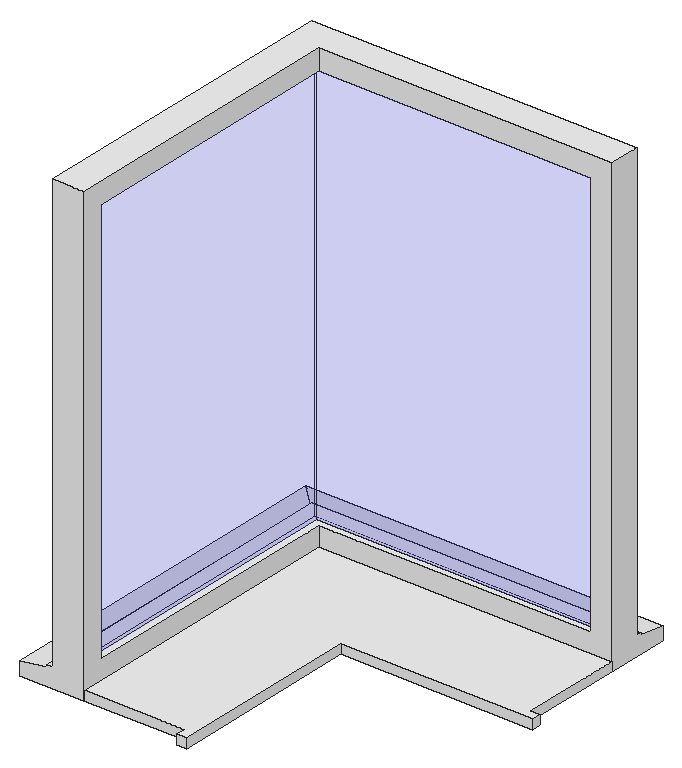
Revit family "fe1c5a3644044de3b7f36d680a672070", category Windows, host Wall, Revit 2025
Family settings
  Host = Wall
  Always vertical = Yes
  Cut with Voids When Loaded = No
  Shared = No
  Room Calculation Point = No
Parameters (values of type "910x1210mm")
  Wrap Layers (Ext) from Ext = 102.5 mm
  Wrap Layers (Int) from Ext = 177.5 mm
  Window Board Projection = 25.0 mm
  Window Board Extension = 25.0 mm
  Wall/Void Thickness [instance] = 400.0 mm
  Visual Light Transmittance = 0.9
  Solar Heat Gain Coefficient = 0.78
  Rough Width = Width  # 910.0 mm
  Rough Height = Height  # 1210.0 mm
  Operation = "UserDefined"
  Define Thermal Properties by = Schematic Type
  Construction Type Id = "GSP4R"
  Material Trim = Window Frame
  Material Glass = Glass
  Material Frame = Window Frame
  Manufacturer = ""
  Keynote = "L10"
  Height = 1210.0 mm
  Wall Closure = Neither
  Width = 910.0 mm
  Heat Transfer Coefficient (U) = 3.6886 W/(m²·K)
  Glazing Thickness = 24.0 mm
  FrameOffset - External = 50.0 mm
  Frame Depth = 65.0 mm
  Default Head Height = 2110.0 mm
  Cill Depth = 87.5 mm
  Analytic Construction = "1/8 in Pilkington single glazing"
Types (7, lengths in mm): name | Rough Width | Rough Height | Height | Width
  (no name) | 910.0 | 1210.0 | 1210.0 | 910.0
  910x910mm | 910.0 | 910.0 | 910.0 | 910.0
  910x1210mm | 910.0 | 1210.0 | 1210.0 | 910.0
  1360x910mm | 1360.0 | 910.0 | 910.0 | 1360.0
  1360x1210mm | 1360.0 | 1210.0 | 1210.0 | 1360.0
  1810x910mm | 1810.0 | 910.0 | 910.0 | 1810.0
  1810x1210mm | 1810.0 | 1210.0 | 1210.0 | 1810.0
Reference planes
  plane 1: y = 0
  plane 2 "Center (Left/Right)": x = 0
  plane 3 "Corner": x = -455
  plane 4 "Right": x = 455
  plane 5 "Cill": z = 900
  plane 6 "Head": z = 2110
  plane 7 "Exterior": y = 60.496
  plane 8 "Interior": y = -239.504
  plane 9 "Back of Window": y = -54.504
  plane 10 "Wall Closure": y = -42.004
  plane 11 "Front Cill": y = 97.996
  plane 12 "Front Window Board": y = -364.504
  plane 13 "RHS Window Board": x = 480
  plane 14 "Face Window": y = 10.496
  plane 15: y = -117.004
  plane 16: y = -339.504
  plane 17: z = 2055
  plane 18: x = -55
  plane 19: y = -849.504
  plane 20: y = -874.504
  plane 21: x = -30
Forms (mm)
  Sweep 1, solid, material "Window Frame" <- "Material Frame"
    path origin (0, -54.504, 0) x (1, 0, 0) y (0, 0, 1)
      loop
        line (-455, 2110) -> (455, 2110) -> (455, 963)
    profile origin (0, 0, 1536.5) x (0, -1, 0) y (1, 0, 0)
      loop
        line (-10.496, 455) -> (-10.496, 415) -> (54.504, 415) -> (54.504, 400) -> (72.504, 400) -> (72.504, 455) -> (-10.496, 455)
  Extrusion 2, void
    sketch origin (0, 0, 900) x (-1, 0, 0) y (0, -1, 0)
      loop
        line (555, -160.496) -> (555, 849.504) -> (30, 849.504) -> (30, 239.504) -> (-455, 239.504) -> (-455, -160.496) -> (555, -160.496)
    from 0 to 1210
  Sweep 3, solid, material "Window Frame" <- "Material Frame"
    path origin (0, 0, 900) x (0, -1, 0) y (1, 0, 0)
      loop
        line (-60.496, 455) -> (-60.496, -455) -> (849.504, -455)
    profile origin (0, 60.496, 900) x (0, -1, 0) y (0, 0, 1)
      loop
        line (133, 0) -> (133, 75) -> (115, 75) -> (115, 63) -> (50, 63) -> (50, 51) -> (35, 49.688) -> (35, 44.745) -> (-37.5, 33.809) -> (-37.5, 0) -> (133, 0)
  Sweep 4, solid, material "Window Frame" <- "Material Frame"
    path origin (-340, -125.161, 963) x (0, -1, 0) y (0, 0, 1)
      loop
        line (-185.656, 1147) -> (724.344, 1147) -> (724.344, 0)
    profile origin (0, 0, 1536.5) x (-1, 0, 0) y (0, -1, 0)
      loop
        line (405, 849.504) -> (322, 849.504) -> (322, 794.504) -> (340, 794.504) -> (340, 809.504) -> (405, 809.504) -> (405, 849.504)
  Extrusion 5, void
    sketch origin (0, 0, 900) x (-1, 0, 0) y (0, -1, 0)
      loop
        line (532, -137.496) -> (532, 72.504) -> (322, 72.504) -> (532, -137.496)
    from 1155 to 1210
  Extrusion 6, void
    sketch origin (-257.127, -306.432, 900) x (-0.173648, 0.984808, 0) y (-0.984808, -0.173648, 0)
      loop
        line (448.448, -13.199) -> (484.914, 193.61) -> (241.638, 23.267) -> (448.448, -13.199)
    from 1155 to 1210
  Extrusion 7, solid, material "Glass" <- "Material Glass"
    sketch origin (0, 0, 900) x (0, -1, 0) y (-1, 0, 0)
      loop
        line (54.504, 340) -> (809.504, 340) -> (809.504, 364) -> (30.504, 364) -> (30.504, -415) -> (54.504, -415) -> (54.504, 340)
    from -1155 to -63
  Extrusion 8, solid, material "Window Frame" <- "Material Frame", detail levels medium+fine
    sketch origin (0, 0, 900) x (0, -1, 0) y (-1, 0, 0)
      loop
        line (72.504, -455) -> (339.504, -455) -> (339.504, -480) -> (364.504, -480) -> (364.504, 30) -> (874.504, 30) -> (874.504, 55) -> (849.504, 55) -> (849.504, 322) -> (72.504, 322) -> (72.504, -455)
    from 0 to -25
Cuts and joins
  Extrusion 5 cuts Sweep 1
  Extrusion 6 cuts Sweep 3
  Extrusion 6 cuts Sweep 4
  joined: Sweep 1, Sweep 3, Sweep 4
Lines and regions (mm)
  Masking region 1
    outline origin (0, 0, 900) x (0, -1, 0) y (1, 0, 0)
      loop
        line (72.504, 455) -> (-97.996, 455) -> (-97.996, -492.5) -> (849.504, -492.5) -> (849.504, -322) -> (72.504, -322) -> (72.504, 455)
  Masking region 2, detail levels medium+fine
    outline origin (0, 0, 900) x (0, -1, 0) y (1, 0, 0)
      loop
        line (72.504, 455) -> (72.504, -322) -> (849.504, -322) -> (849.504, -55) -> (874.504, -55) -> (874.504, -30) -> (364.504, -30) -> (364.504, 480) -> (339.504, 480) -> (339.504, 455) -> (72.504, 455)
  symbolic lines
    curve 1: line (455, 10.496, 900) -> (-405, 10.496, 900)
    curve 2: line (-405, 10.496, 900) -> (-405, -849.504, 900)
    curve 3: line (-405, -809.504, 900) -> (-322, -809.504, 900)
    curve 4: line (415, -72.504, 900) -> (415, 10.496, 900)
    curve 5: line (455, -72.504, 900) -> (-322, -72.504, 900)
    curve 6: line (-322, -72.504, 900) -> (-322, -849.504, 900)
    curve 7: line (415, -30.504, 900) -> (-364, -30.504, 900)
    curve 8: line (-364, -809.504, 900) -> (-364, -30.504, 900)
Text (mm)
  text "EXTERIOR" at (-1415.209, 454.062, 0), in view "Ref. Level"
  text "INTERIOR" at (-1415.209, -367.981, 0), in view "Ref. Level"
  text "Exterior" at (0, 923.751, 2943.296), in view "Right"
  text "Exterior" at (0, 1040.484, 2685.409), in view "Left"
Dimensions and locks
  equal spacing: plane 3 "Corner", plane 2 "Center (Left/Right)", plane 4 "Right"
  "Width": plane 3 "Corner" to plane 4 "Right"
  "Height": plane 5 "Cill" to plane 6 "Head"
  "Default Head Height": plane 6 "Head" to level
  locked: plane 7 "Exterior" to host wall
  locked: plane 8 "Interior" to host wall
  "Window Board Extension": plane 4 "Right" to plane 13 "RHS Window Board"
  "FrameOffset - External": plane 14 "Face Window" to plane 7 "Exterior"
  "Cill Depth": plane 14 "Face Window" to plane 11 "Front Cill"
  "Wrap Layers (Ext) from Ext": plane 10 "Wall Closure" to plane 7 "Exterior"
  "Wrap Layers (Int) from Ext": plane 15 to plane 7 "Exterior"
  "Frame Depth": Sweep 1 sketch curve to Sweep 1 sketch curve
  "Frame Depth": Sweep 3 sketch curve to Sweep 3 sketch curve
  locked: Sweep 3 sketch curve to Sweep 3 sketch curve at 15
  locked: Sweep 3 sketch curve to Sweep 3 sketch curve at 18
  "FrameOffset - External": Sweep 3 sketch curve to plane 7 "Exterior"
  "Cill Depth": Sweep 3 sketch curve to Sweep 3 sketch curve
  "Frame Depth": Sweep 4 sketch curve to Sweep 4 sketch curve
  "Width": Sweep 4 sketch curve to Sweep 4 sketch curve
  "Glazing Thickness": Extrusion 7 sketch curve to Extrusion 7 sketch curve  (x2)
  locked: plane 7 "Exterior" to Extrusion 2 sketch curve at 100
  "Window Board Projection": plane 16 to plane 12 "Front Window Board"
  "Wall/Void Thickness": plane 16 to plane 7 "Exterior"
  locked: Sweep 4 sketch curve to Sweep 4 sketch curve at 40
  locked: Sweep 1 sketch curve to Sweep 1 sketch curve at 40
  locked: plane 17 to plane 6 "Head" at 55
  "Wall/Void Thickness": plane 3 "Corner" to plane 18
  "Width": plane 19 to plane 7 "Exterior"
  "Window Board Extension": plane 19 to plane 20
  "Window Board Projection": plane 18 to plane 21
  locked: Extrusion 2 sketch curve to plane 3 "Corner" at 100
  aligned and locked: host wall to Extrusion 2 sketch curve
  aligned and locked: Extrusion 2 sketch curve to plane 4 "Right"
  aligned and locked: Extrusion 2 to plane 6 "Head"
  aligned and locked: plane 5 "Cill" to Extrusion 2
  aligned and locked: plane 7 "Exterior" to Sweep 3 sketch curve
  aligned and locked: plane 4 "Right" to Sweep 3 sketch curve
  aligned and locked: plane 6 "Head" to Sweep 1 sketch curve
  aligned and locked: plane 3 "Corner" to Sweep 1 sketch curve
  aligned and locked: Sweep 1 sketch curve to Sweep 3  (x2)
  aligned and locked: cut or joined group of Sweep 1, Sweep 3, Sweep 4, Extrusion 5, Extrusion 6 to Sweep 4 sketch curve  (x2)
  aligned and locked: Extrusion 5 sketch curve to cut or joined group of Sweep 1, Sweep 3, Sweep 4, Extrusion 5, Extrusion 6
  aligned: cut or joined group of Sweep 1, Sweep 3, Sweep 4, Extrusion 5, Extrusion 6 to Extrusion 5
  aligned and locked: Extrusion 5 to plane 6 "Head"
  aligned and locked: Extrusion 6 sketch curve to cut or joined group of Sweep 1, Sweep 3, Sweep 4, Extrusion 5, Extrusion 6  (x2)
  aligned and locked: cut or joined group of Sweep 1, Sweep 3, Sweep 4, Extrusion 5, Extrusion 6 to Extrusion 5 sketch curve
  aligned and locked: cut or joined group of Sweep 1, Sweep 3, Sweep 4, Extrusion 5, Extrusion 6 to Extrusion 7 sketch curve  (x2)
  aligned and locked: Extrusion 7 sketch curve to cut or joined group of Sweep 1, Sweep 3, Sweep 4, Extrusion 5, Extrusion 6  (x2)
  aligned: Extrusion 7 to cut or joined group of Sweep 1, Sweep 3, Sweep 4, Extrusion 5, Extrusion 6
  aligned and locked: Extrusion 7 to cut or joined group of Sweep 1, Sweep 3, Sweep 4, Extrusion 5, Extrusion 6
  aligned and locked: plane 6 "Head" to Sweep 4 sketch curve
  aligned and locked: plane 6 "Head" to Extrusion 6
  aligned: Sweep 1 to Extrusion 6
  aligned and locked: plane 4 "Right" to Sweep 1 sketch curve
  aligned and locked: Sweep 1 sketch curve to plane 4 "Right"
  aligned: Extrusion 7 to plane 6 "Head"
  aligned and locked: Extrusion 6 to plane 17
  aligned and locked: Extrusion 5 to plane 17
  aligned and locked: plane 17 to Extrusion 7
  aligned and locked: curve 1 to cut or joined group of Sweep 1, Sweep 3, Sweep 4, Extrusion 5, Extrusion 6
  aligned and locked: curve 7 to Extrusion 7
  aligned and locked: curve 8 to Extrusion 7
  aligned and locked: cut or joined group of Sweep 1, Sweep 3, Sweep 4, Extrusion 5, Extrusion 6 to curve 2
  aligned and locked: curve 6 to cut or joined group of Sweep 1, Sweep 3, Sweep 4, Extrusion 5, Extrusion 6
  aligned and locked: curve 5 to cut or joined group of Sweep 1, Sweep 3, Sweep 4, Extrusion 5, Extrusion 6
  aligned and locked: cut or joined group of Sweep 1, Sweep 3, Sweep 4, Extrusion 5, Extrusion 6 to cut or joined group of Sweep 1, Sweep 3, Sweep 4, Extrusion 5, Extrusion 6
  aligned and locked: Extrusion 7 to Extrusion 7
  aligned and locked: cut or joined group of Sweep 1, Sweep 3, Sweep 4, Extrusion 5, Extrusion 6 to plane 11 "Front Cill"
  aligned and locked: plane 19 to Sweep 3 sketch curve
  aligned and locked: plane 19 to curve 2
  aligned and locked: plane 19 to curve 6
  aligned and locked: curve 3 to cut or joined group of Sweep 1, Sweep 3, Sweep 4, Extrusion 5, Extrusion 6
  aligned and locked: plane 21 to Extrusion 8 sketch curve
  aligned and locked: plane 12 "Front Window Board" to Extrusion 8 sketch curve
  aligned and locked: Extrusion 8 sketch curve to plane 13 "RHS Window Board"
  aligned and locked: Extrusion 8 sketch curve to plane 19
  aligned and locked: plane 16 to Extrusion 8 sketch curve
  aligned and locked: Extrusion 8 sketch curve to plane 4 "Right"
  aligned and locked: Extrusion 8 sketch curve to cut or joined group of Sweep 1, Sweep 3, Sweep 4, Extrusion 5, Extrusion 6  (x2)
  aligned and locked: Extrusion 2 sketch curve to plane 19
  aligned and locked: Extrusion 2 sketch curve to plane 21
  aligned and locked: Masking region 1 sketch curve to plane 11 "Front Cill"
  aligned and locked: Masking region 1 sketch curve to Extrusion 8  (x2)
  aligned and locked: Masking region 1 sketch curve to plane 19
  aligned and locked: Masking region 1 sketch curve to cut or joined group of Sweep 1, Sweep 3, Sweep 4, Extrusion 5, Extrusion 6
  aligned and locked: plane 16 to Masking region 2 sketch curve
  aligned and locked: Masking region 2 sketch curve to plane 13 "RHS Window Board"
  aligned and locked: plane 12 "Front Window Board" to Masking region 2 sketch curve
  aligned and locked: plane 21 to Masking region 2 sketch curve
  aligned and locked: Masking region 2 sketch curve to plane 20
  aligned and locked: Masking region 2 sketch curve to plane 18
  aligned and locked: Masking region 2 sketch curve to plane 19
  aligned and locked: Masking region 2 sketch curve to Extrusion 8  (x2)
Automatic sketch dimensions
  Sweep 1 sketch curve to plane 5 "Cill" = 63.0 mm
  Sweep 3 sketch curve to plane 5 "Cill" = 0.0 mm
  Sweep 3 sketch curve to plane 5 "Cill" = 33.809 mm
  Sweep 3 sketch curve to plane 5 "Cill" = 44.745 mm
  Sweep 3 sketch curve to Sweep 3 sketch curve = 4.943 mm
  Sweep 3 sketch curve to Sweep 3 sketch curve = 1.312 mm
  Sweep 3 sketch curve to plane 5 "Cill" = 63.0 mm
  Sweep 3 sketch curve to Sweep 3 sketch curve = 12.0 mm
  Sweep 1 sketch curve to Sweep 1 sketch curve = 15.0 mm
  Sweep 4 sketch curve to profile plane = 0.0 mm
  Sweep 4 sketch curve to Sweep 4 sketch curve = 15.0 mm
  host wall to Extrusion 5 sketch curve = 77.0 mm
  Sweep 4 sketch curve to Sweep 3 = 0.0 mm  (x2)
  Extrusion 6 sketch curve to plane 11 "Front Cill" = 39.5 mm  (x2)
  Sweep 3 sketch curve to plane 3 "Corner" = 0.0 mm
  plane 3 "Corner" to Extrusion 5 sketch curve = 77.0 mm
  curve 5 to plane 4 "Right" = 0.0 mm
  curve 1 to plane 4 "Right" = 0.0 mm
  plane 4 "Right" to curve 4 = 40.0 mm
  Extrusion 8 sketch curve to plane 18 = 0.0 mm
  Extrusion 8 sketch curve to plane 20 = 0.0 mm
  Masking region 1 sketch curve to plane 4 "Right" = 0.0 mm
  Masking region 2 sketch curve to plane 4 "Right" = 0.0 mm
